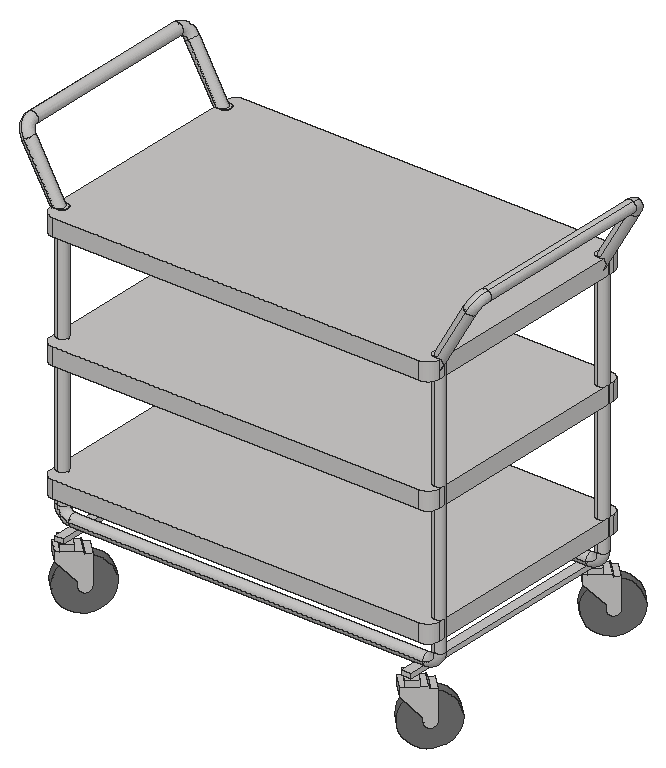
Revit family "QF_Vollrath_97167", category Specialty Equipment, Revit 2016
Family settings
  Part Type = Normal
  Round Connector Dimension = Use Diameter
  OmniClass Number = 23.40.40.14.17
  OmniClass Title = Food Cooking Equipment
  Work Plane-Based = No
  Always vertical = Yes
  Cut with Voids When Loaded = No
  Shared = No
  Room Calculation Point = No
Parameters (values of type "97167")
  Width [instance] = 40.50"
  Weight in Pounds = 53.75
  Watermarked By = "http://revitwatermark.com"
  URL Cutsheet = ""
  URL = ""
  Status [instance] = ""
  Specification by User [instance] = ""
  Specification by Manufacturer [instance] = ""
  Serial Number [instance] = ""
  Seismic Rating [instance] = ""
  Revision Code [instance] = ""
  NAFEM Spec ID Number [instance] = ""
  Model = "97167"
  Masterspec = ""
  Manufacturer = "Vollrath"
  Item Number [instance] = "-"
  Installed By [instance] = ""
  Identify Quantity as Lot [instance] = no
  Furnished By [instance] = ""
  Foodservice Equipment Identifier [instance] = yes
  Description = "Cart, Utility"
  Depth [instance] = 21.00"
  CSI MasterFormat = "11 48 13"
  Assembly Code = "E1090320"
Reference planes (in)
  plane 1: z = 0
  plane 2 "LEFT": x = 0
  plane 3 "RIGHT": x = 40.5
  plane 4 "FRONT": y = -24.62
  plane 5 "BACK": y = -3.62
  plane 6 "TOP": z = 36.5
  plane 7: x = 3.8
  plane 8: x = 36.7
  plane 9: z = 5.6
  plane 10: z = 6
  plane 11: z = 8.7
  plane 12: z = 10.2
  plane 13: z = 29.2
  plane 14: z = 30.7
  plane 15: y = -14.12
  plane 16: y = -23.02
  plane 17: y = -5.22
  plane 18: x = 20.25
  plane 19: z = 19.1
  plane 20: z = 20.6
Forms (in)
  Sweep 1, solid, material "QF_Finishes_Stainless Steel"
    path origin (16.16378, -0.04782, 1.26776) x (0, 1, 0) y (0.493545, 0, -0.86972)
      loop
        line (-22.97218, -30.7) -> (-22.97218, -36.95172)
        arc (-22.97218, -36.95172) -> (-22.67928, -37.65883) -> (-21.97218, -37.95172) r 1
        line (-21.97218, -37.95172) -> (-6.17218, -37.95172)
        arc (-6.17218, -37.95172) -> (-5.46507, -37.65883) -> (-5.17218, -36.95172) r 1
        line (-5.17218, -36.95172) -> (-5.17218, -30.7)
    profile origin (-0.53081, -23.02, 30.6868) x (0, 1, 0) y (-0.86972, 0, -0.493545)
      loop
        circle (0, -3.5) r 0.5
  Extrusion 2, solid, material "QF_Finishes_Stainless Steel"
    sketch origin (1.26549, 0, 16.75) x (-1, 0, 0) y (0, -1, 0)
      loop
        line (-3.40691, 3.85981) -> (-3.40691, 24.75491) -> (-4.1621, 24.75491) -> (-4.1621, 3.85981) -> (-3.40691, 3.85981)
      loop
        line (-33.51979, 3.85981) -> (-33.51979, 24.62) -> (-34.36107, 24.62) -> (-34.36107, 3.85981) -> (-33.51979, 3.85981)
    from -11.15 to -10.75
  Sweep 3, solid, material "QF_Finishes_Stainless Steel"
    path origin (0.07416, -4.72, 0) x (1, 0, 0) y (0, 0, -1)
      loop
        line (3.8, -30.7) -> (3.8, -7.51983)
        arc (3.8, -7.51983) -> (4.09289, -6.81273) -> (4.8, -6.51983) r 1
        line (4.8, -6.51983) -> (35.7, -6.51983)
        arc (35.7, -6.51983) -> (36.40711, -6.81273) -> (36.7, -7.51983) r 1
        line (36.7, -7.51983) -> (36.7, -30.7)
    profile origin (3.87416, -4.72, 19.10992) x (0, 1, 0) y (-1, 0, 0)
      loop
        circle (-0.5, 0) r 0.5
  Extrusion 4, solid, material "QF_Finishes_Stainless Steel"
    sketch origin (0, 0, 16.75) x (-1, 0, 0) y (0, -1, 0)
      loop
        arc (-4.35971, 3.62) -> (-3.6526, 3.91289) -> (-3.35971, 4.62) r 1
        line (-3.35971, 4.62) -> (-3.35971, 23.62)
        arc (-3.35971, 23.62) -> (-3.6526, 24.32711) -> (-4.35971, 24.62) r 1
        line (-4.35971, 24.62) -> (-36.2901, 24.62)
        arc (-36.2901, 24.62) -> (-36.99721, 24.32711) -> (-37.2901, 23.62) r 1
        line (-37.2901, 23.62) -> (-37.2901, 4.62)
        arc (-37.2901, 4.62) -> (-36.99721, 3.91289) -> (-36.2901, 3.62) r 1
        line (-36.2901, 3.62) -> (-4.35971, 3.62)
    from -8.05 to -6.55
  Extrusion 5, solid, material "QF_Finishes_Stainless Steel"
    sketch origin (0, 0, 37.25) x (-1, 0, 0) y (0, -1, 0)
      loop
        arc (-4.35971, 3.62) -> (-3.6526, 3.91289) -> (-3.35971, 4.62) r 1
        line (-3.35971, 4.62) -> (-3.35971, 23.62)
        arc (-3.35971, 23.62) -> (-3.6526, 24.32711) -> (-4.35971, 24.62) r 1
        line (-4.35971, 24.62) -> (-36.2901, 24.62)
        arc (-36.2901, 24.62) -> (-36.99721, 24.32711) -> (-37.2901, 23.62) r 1
        line (-37.2901, 23.62) -> (-37.2901, 4.62)
        arc (-37.2901, 4.62) -> (-36.99721, 3.91289) -> (-36.2901, 3.62) r 1
        line (-36.2901, 3.62) -> (-4.35971, 3.62)
    from -8.05 to -6.55
  Sweep 6, solid, material "QF_Finishes_Stainless Steel"
    path origin (0.07416, -23.52, 0) x (1, 0, 0) y (0, 0, 1)
      loop
        line (3.8, 30.7) -> (3.8, 7.51983)
        arc (3.8, 7.51983) -> (4.09289, 6.81273) -> (4.8, 6.51983) r 1
        line (4.8, 6.51983) -> (35.7, 6.51983)
        arc (35.7, 6.51983) -> (36.40711, 6.81273) -> (36.7, 7.51983) r 1
        line (36.7, 7.51983) -> (36.7, 30.7)
    profile origin (3.87416, -23.52, 19.10992) x (0, -1, 0) y (1, 0, 0)
      loop
        circle (-0.5, 0) r 0.5
  Sweep 7, solid, material "QF_Finishes_Stainless Steel"
    path origin (24.33265, -0.04782, 1.26776) x (0, 1, 0) y (0.493545, 0, 0.86972)
      loop
        line (-22.97218, 30.7) -> (-22.97218, 36.95172)
        arc (-22.97218, 36.95172) -> (-22.67928, 37.65883) -> (-21.97218, 37.95172) r 1
        line (-21.97218, 37.95172) -> (-6.17218, 37.95172)
        arc (-6.17218, 37.95172) -> (-5.46507, 37.65883) -> (-5.17218, 36.95172) r 1
        line (-5.17218, 36.95172) -> (-5.17218, 30.7)
    profile origin (41.02724, -23.02, 30.6868) x (0, -1, 0) y (0.86972, 0, -0.493545)
      loop
        circle (0, -3.5) r 0.5
  Extrusion 8, solid, material "QF_Finishes_Stainless Steel"
    sketch origin (0, 0, 27.15) x (-1, 0, 0) y (0, -1, 0)
      loop
        arc (-4.35971, 3.62) -> (-3.6526, 3.91289) -> (-3.35971, 4.62) r 1
        line (-3.35971, 4.62) -> (-3.35971, 23.62)
        arc (-3.35971, 23.62) -> (-3.6526, 24.32711) -> (-4.35971, 24.62) r 1
        line (-4.35971, 24.62) -> (-36.2901, 24.62)
        arc (-36.2901, 24.62) -> (-36.99721, 24.32711) -> (-37.2901, 23.62) r 1
        line (-37.2901, 23.62) -> (-37.2901, 4.62)
        arc (-37.2901, 4.62) -> (-36.99721, 3.91289) -> (-36.2901, 3.62) r 1
        line (-36.2901, 3.62) -> (-4.35971, 3.62)
    from -8.05 to -6.55
Lines and regions (in)
  symbolic lines
    curve 1: line (3.35971, -5.62, 16.75) -> (3.35971, -22.53132, 16.75)
    curve 2: arc (3.8, -5.62, 16.75) -> (4.29518, -5.12482, 16.75) -> (3.8, -4.62963, 16.75) r 0.49518
    curve 3: line (36.71242, -4.70809, 16.75) -> (37.32038, -4.70809, 16.75)
    curve 4: arc (1.406, -23.68491, 16.75) -> (0.34495, -23.20596, 16.75) -> (0.00228, -22.0934, 16.75) r 1.4148
    curve 5: line (0.00228, -22.0934, 16.75) -> (0.00228, -6.22447, 16.75)
    curve 6: arc (0.00228, -6.22447, 16.75) -> (0.24856, -5.30406, 16.75) -> (0.92158, -4.62963, 16.75) r 1.84305
    curve 7: line (0.92158, -4.62963, 16.75) -> (3.8, -4.62963, 16.75)
    curve 8: line (3.8, -5.62, 16.75) -> (3.35971, -5.62, 16.75)
    curve 9: line (3.35971, -5.62, 16.75) -> (1.10971, -5.62, 16.75)
    curve 10: line (1.10971, -5.62, 16.75) -> (1.10971, -22.53132, 16.75)
    curve 11: line (1.10971, -22.53132, 16.75) -> (3.87613, -22.53132, 16.75)
    curve 12: arc (3.87613, -23.68491, 16.75) -> (4.45292, -23.10811, 16.75) -> (3.87613, -22.53132, 16.75) r 0.57679
    curve 13: line (37.2901, -5.70809, 16.75) -> (37.2901, -22.53132, 16.75)
    curve 14: arc (36.71242, -5.70809, 16.75) -> (36.21242, -5.20809, 16.75) -> (36.71242, -4.70809, 16.75) r 0.5
    curve 15: arc (38.74073, -23.61431, 16.75) -> (39.74648, -23.3429, 16.75) -> (40.47913, -22.60237, 16.75) r 1.99915
    curve 16: line (40.47913, -22.60237, 16.75) -> (40.47913, -6.26088, 16.75)
    curve 17: arc (40.47913, -6.26088, 16.75) -> (40.24288, -5.36768, 16.75) -> (39.59593, -4.70809, 16.75) r 1.80661
    curve 18: line (39.59593, -4.70809, 16.75) -> (36.71242, -4.70809, 16.75)
    curve 19: line (36.71242, -5.70809, 16.75) -> (37.2901, -5.70809, 16.75)
    curve 20: line (37.2901, -5.70809, 16.75) -> (39.61548, -5.70809, 16.75)
    curve 21: line (39.61548, -5.70809, 16.75) -> (39.61548, -22.53132, 16.75)
    curve 22: line (39.61548, -22.53132, 16.75) -> (36.89251, -22.53132, 16.75)
    curve 23: arc (36.89251, -23.61431, 16.75) -> (36.35102, -23.07282, 16.75) -> (36.89251, -22.53132, 16.75) r 0.5415
    curve 24: arc (4.35971, -3.66267, 16.75) -> (3.67596, -3.94589, 16.75) -> (3.39274, -4.62963, 16.75) r 0.96697
    curve 25: line (36.27496, -3.66267, 16.75) -> (4.35971, -3.66267, 16.75)
    curve 26: arc (37.32038, -4.70809, 16.75) -> (37.01419, -3.96887, 16.75) -> (36.27496, -3.66267, 16.75) r 1.04542
    curve 27: arc (35.40558, -24.62, 16.75) -> (36.11269, -24.32711, 16.75) -> (36.40558, -23.62, 16.75) r 1
    curve 28: line (4.35971, -24.62, 16.75) -> (35.40558, -24.62, 16.75)
    curve 29: arc (3.35971, -23.62, 16.75) -> (3.6526, -24.32711, 16.75) -> (4.35971, -24.62, 16.75) r 1
    curve 30: line (1.406, -23.68491, 16.75) -> (4.15496, -23.68491, 16.75)
    curve 31: line (36.89251, -23.61431, 16.75) -> (38.74073, -23.61431, 16.75)
Dimensions and locks (in)
  plane 3 "RIGHT" to plane 2 "LEFT" = 40.50"
  locked: plane 8 to plane 3 "RIGHT" at 3.8
  plane 4 "FRONT" to plane 15 = 10.50"
  equal spacing: plane 4 "FRONT", plane 15, plane 5 "BACK"
  plane 9 to level = 5.60"
  plane 10 to plane 9 = 0.40"
  plane 11 to plane 10 = 2.70"
  plane 12 to plane 11 = 1.50"
  plane 14 to plane 13 = 1.50"
  plane 6 "TOP" to plane 14 = 5.80"
  locked: plane 2 "LEFT" to plane 7 at 3.8
  plane 5 "BACK" to plane 17 = 1.60"
  locked: plane 4 "FRONT" to plane 16 at 1.6
  equal spacing: plane 2 "LEFT", plane 18, plane 3 "RIGHT"
  plane 6 "TOP" to level = 36.50"
  locked: plane 5 "BACK" to nested 4 at 0.5
  locked: nested 4 to plane 8 at 1.49407
  locked: nested 3 to plane 8 at 1.49407
  locked: plane 4 "FRONT" to nested 3 at 0.5
  locked: plane 4 "FRONT" to nested 2 at 0.5
  "Width": plane 2 "LEFT" to plane 3 "RIGHT"
  "Depth": plane 5 "BACK" to plane 4 "FRONT"
  aligned and locked: level to plane 1
Automatic sketch dimensions
  Sweep 1 sketch curve to plane 16 = 0.00"
  plane 17 to Sweep 1 sketch curve = 0.00"
  Sweep 1 sketch curve to plane 16 = 1.00"
  Sweep 1 sketch curve to plane 17 = 1.00"
  Sweep 1 sketch curve to Sweep 1 sketch curve = 6.25172"  (x2)
  profile plane to Sweep 1 sketch curve = 0.00"
  Sweep 1 sketch curve to profile plane = 3.50"
  plane 4 "FRONT" to Extrusion 2 sketch curve = 0.00"
  Extrusion 2 sketch curve to plane 5 "BACK" = 0.23981"  (x2)
  Extrusion 2 sketch curve to plane 8 = 1.07343"
  Extrusion 2 sketch curve to Extrusion 2 sketch curve = 0.84128"
  plane 7 to Extrusion 2 sketch curve = 1.6276"
  plane 4 "FRONT" to Extrusion 2 sketch curve = 0.13491"
  Extrusion 2 sketch curve to Extrusion 2 sketch curve = 0.7552"
  Sweep 3 sketch curve to plane 14 = 0.00"  (x2)
  plane 7 to Sweep 3 sketch curve = 0.07416"
  plane 10 to Sweep 3 sketch curve = 0.51983"
  plane 7 to Sweep 3 sketch curve = 1.07416"
  Sweep 3 sketch curve to plane 8 = 0.92584"
  plane 8 to Sweep 3 sketch curve = 0.07416"
  Sweep 3 sketch curve to profile plane = 0.00"
  Sweep 3 sketch curve to profile plane = 0.50"
  Extrusion 4 sketch curve to plane 5 "BACK" = 0.00"
  plane 4 "FRONT" to Extrusion 4 sketch curve = 0.00"
  plane 8 to Extrusion 4 sketch curve = 0.5901"
  Extrusion 4 sketch curve to plane 8 = 0.4099"  (x2)
  plane 7 to Extrusion 4 sketch curve = 0.55971"  (x2)
  Extrusion 4 sketch curve to plane 7 = 0.44029"
  Extrusion 5 sketch curve to plane 5 "BACK" = 0.00"
  plane 4 "FRONT" to Extrusion 5 sketch curve = 0.00"
  plane 8 to Extrusion 5 sketch curve = 0.5901"
  Extrusion 5 sketch curve to plane 8 = 0.4099"  (x2)
  plane 7 to Extrusion 5 sketch curve = 0.55971"  (x2)
  Extrusion 5 sketch curve to plane 7 = 0.44029"
  Sweep 6 sketch curve to plane 14 = 0.00"  (x2)
  plane 7 to Sweep 6 sketch curve = 0.07416"
  plane 10 to Sweep 6 sketch curve = 0.51983"
  plane 7 to Sweep 6 sketch curve = 1.07416"
  Sweep 6 sketch curve to plane 8 = 0.92584"
  plane 8 to Sweep 6 sketch curve = 0.07416"
  Sweep 6 sketch curve to profile plane = 0.00"
  Sweep 6 sketch curve to profile plane = 0.50"
  Sweep 7 sketch curve to plane 16 = 0.00"
  plane 17 to Sweep 7 sketch curve = 0.00"
  Sweep 7 sketch curve to plane 16 = 1.00"
  Sweep 7 sketch curve to Sweep 7 sketch curve = 1.00"
  Sweep 7 sketch curve to Sweep 7 sketch curve = 0.00"
  Sweep 7 sketch curve to Sweep 7 sketch curve = 6.25172"
  Sweep 7 sketch curve to profile plane = 0.00"
  Sweep 7 sketch curve to profile plane = 3.50"
  Extrusion 8 sketch curve to plane 5 "BACK" = 0.00"
  plane 4 "FRONT" to Extrusion 8 sketch curve = 0.00"
  plane 8 to Extrusion 8 sketch curve = 0.5901"
  Extrusion 8 sketch curve to plane 8 = 0.4099"  (x2)
  plane 7 to Extrusion 8 sketch curve = 0.55971"  (x2)
  Extrusion 8 sketch curve to plane 7 = 0.44029"
  plane 4 "FRONT" to curve 27 = 0.00"
  curve 2 to plane 7 = 0.00"
  plane 7 to curve 12 = 0.07613"
  curve 11 to curve 12 = 0.00"
  curve 30 to curve 12 = 0.27883"
  curve 25 to plane 5 "BACK" = 0.04267"
  plane 7 to curve 25 = 0.55971"
  curve 29 to curve 30 = 0.20475"
  curve 28 to plane 8 = 1.29442"
  curve 26 to plane 8 = 0.42504"
  curve 27 to plane 8 = 0.29442"
  plane 8 to curve 14 = 0.01242"
  plane 8 to curve 22 = 0.19251"
  curve 13 to curve 22 = 0.39759"
  plane 17 to curve 3 = 0.51191"
  curve 17 to curve 13 = 1.38242"
  curve 15 to curve 13 = 1.45063"
  curve 17 to plane 3 "RIGHT" = 0.90407"
  curve 20 to plane 3 "RIGHT" = 0.88452"
  curve 15 to plane 3 "RIGHT" = 0.02087"
  curve 2 to curve 24 = 0.40726"
  curve 2 to curve 9 = 0.44029"
  curve 29 to plane 7 = 0.44029"
  curve 1 to curve 6 = 1.51437"
  plane 16 to curve 30 = 0.66491"
  plane 2 "LEFT" to curve 30 = 1.406"
  curve 10 to plane 17 = 0.40"
  curve 6 to curve 10 = 0.73563"
  plane 2 "LEFT" to curve 7 = 0.92158"
  plane 2 "LEFT" to curve 4 = 0.00228"
  plane 17 to curve 14 = 0.01191"
  curve 15 to plane 16 = 1.40483"
  curve 4 to plane 16 = 0.9266"
  curve 12 to plane 16 = 0.48868"
  curve 13 to plane 16 = 0.48868"
  curve 15 to plane 16 = 0.41763"
  radius of Sweep 1 sketch curve = 0.50"
  radius of Sweep 3 sketch curve = 0.50"
  radius of Sweep 6 sketch curve = 0.50"
  radius of Sweep 7 sketch curve = 0.50"
Nested families (in)
  nested 1: "FESCaster" at (5.05, -4.12, 0), type "FESCaster"
    with Height 5.60", Caster Radius 2.30"
  nested 2: "FESCaster" at (5.05, -24.12, 0), type "FESCaster"
    with Height 5.60", Caster Radius 2.30"
  nested 3: "FESCaster" at (35.20593, -24.12, 0), type "FESCaster"
    with Height 5.60", Caster Radius 2.30"
  nested 4: "FESCaster" at (35.20593, -4.12, 0), type "FESCaster"
    with Height 5.60", Caster Radius 2.30"
Definition of nested family "FESCaster"
  Parameters
    Watermarked By = "http://revitwatermark.com"
    Type Comments = "⍁⍉⌁⌀⏭⎽⌇⍠⌜⍉⎖⌥⌦⌯⍭⏊⍻⍿⍊⏵⍊⏗⏠⍴⎡⌈⎀⍠⌓⌤⏘⎐⍀⌐⏬⏁⎈⏍⏦⎒⏬⌝⍩⍇⌣〈⎫〉⎁⏊⍥⍖⍥⍝⍦⌖⍀⏌⏭⎝⎼⏷⏞⍻⏯⎽⏷⏞⍻⏯⎽⏷⎺⌻⎝⍎⌧⏷⏟⏿⌿⍜⍦⍤⌁⍬⏶⏎⍊⏚⏉⎞⌡⎀⎪⏈⌟⌿⍾⍼⌟⌿⌢⌞⏞⏝⌻⎸⎻⎷⎳⎻⎛⌞⌼⏚⍿⏸⍨⏷⍡⍺⏼⏅⎏⌽⌻⍽⎝⍮⎧⍏⏳⏲⎼⏈⏋⏙⎏⏽⏘⍹⏞⌜⏼⍴⏶⏮⏿⌁"
    Height [instance] = 6.00"
    Caster Radius [instance] = if(Height < 3.00", 1.00", (Height / 2) - 0.50")  # 2.50"
    Assembly Code = ""
  Reference planes (in)
    plane 1 "Center (Front/Back)": y = 0
    plane 2: z = 0
    plane 3 "Center (Left/Right)": x = 0
    plane 4: z = 6
    plane 5: z = 5.5
  Forms (in)
    Extrusion 1, solid
      sketch origin (-24.12131, -22.88887, 10.18833) x (0.707107, 0.707107, 0) y (0, 0, 1)
        loop
          line (34.98772, -7.68833) -> (34.98772, -4.93833) -> (34.48772, -4.93833) -> (34.39402, -4.68833) -> (32.39402, -4.68833) -> (32.39402, -5.43833) -> (33.98772, -7.34206) -> (33.98772, -7.68833)
          arc (33.98772, -7.68833) -> (34.48772, -8.18833) -> (34.98772, -7.68833) r 0.5
      from 0 to 1.75
    Extrusion 2, solid
      sketch origin (-24.32327, -23.09083, 13.31461) x (0.707107, 0.707107, 0) y (0, 0, 1)
        loop
          circle (34.77334, -10.81461) r 2.5
      from 0.375 to 1.375
    Extrusion 3, solid
      sketch origin (-7.24148, -8.48391, 0) x (0.707107, 0.707107, 0) y (0, 0, 1)
        loop
          line (10.61603, 5.5) -> (11.61603, 5.5) -> (11.61603, 6) -> (10.61603, 6) -> (10.61603, 5.5)
      from 0 to -1.75
  Lines and regions (in)
    symbolic lines
      curve 1: line (-1.26158, -0.51911, 0) -> (1.39007, 2.13254, 0)
      curve 2: line (-0.53429, -1.24639, 0) -> (2.11736, 1.40526, 0)
      curve 3: line (-1.26158, -0.51911, 0) -> (1.39007, 2.13254, 0)
      curve 4: line (-0.53429, -1.24639, 0) -> (2.11736, 1.40526, 0)
  Dimensions and locks (in)
    locked: plane 4 to plane 5 at 0.5
    "Height": plane 4 to level
    "Caster Radius": Extrusion 2 sketch curve to level
    "Caster Radius": Extrusion 1 sketch curve to level
    "Caster Radius": radius of Extrusion 2 sketch curve
    aligned and locked: plane 2 to level
    aligned and locked: Extrusion 3 to plane 5
    aligned and locked: plane 4 to Extrusion 3
    aligned and locked: plane 5 to Extrusion 1
  Automatic sketch dimensions
    plane 1 "Center (Front/Back)" to curve 3 = 0.51911"
    curve 3 to plane 3 "Center (Left/Right)" = 1.26158"
    plane 1 "Center (Front/Back)" to curve 1 = 0.51911"
    curve 1 to curve 3 = 0.00"  (x3)
    curve 4 to plane 3 "Center (Left/Right)" = 0.53429"
    curve 2 to curve 4 = 0.00"  (x2)
    plane 3 "Center (Left/Right)" to curve 3 = 1.39007"
    curve 1 to curve 4 = 0.72729"
    curve 2 to curve 1 = 0.72729"
    curve 4 to curve 2 = 0.00"  (x2)
    curve 2 to plane 1 "Center (Front/Back)" = 1.40526"
    curve 2 to curve 3 = 0.72729"
    plane 5 to Extrusion 1 sketch curve = 0.00"
    Extrusion 1 sketch curve to Extrusion 1 sketch curve = 1.5937"
    Extrusion 1 sketch curve to Extrusion 1 sketch curve = 2.00"
    Extrusion 1 sketch curve to Extrusion 1 sketch curve = 0.0937"
    Extrusion 1 sketch curve to Extrusion 1 sketch curve = 0.50"
    Extrusion 1 sketch curve to Extrusion 1 sketch curve = 0.34627"
    Extrusion 1 sketch curve to plane 5 = 0.75"
    Extrusion 1 sketch curve to plane 5 = 0.25"
    Extrusion 3 sketch curve to plane 5 = 0.00"
    plane 4 to Extrusion 3 sketch curve = 0.00"
    Extrusion 3 sketch curve to Extrusion 3 sketch curve = 1.00"
